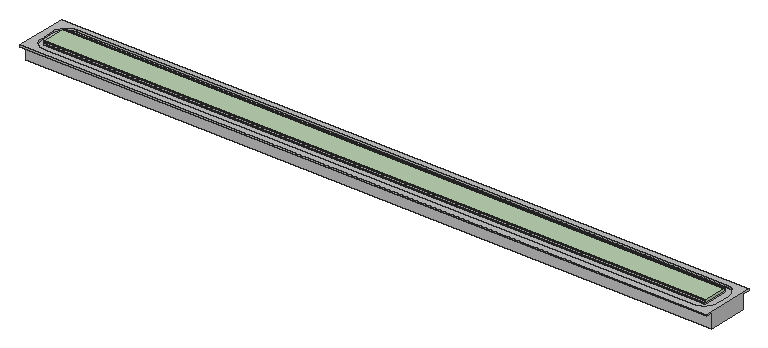
Revit family "Drain-Linear_Tile_Noble_FreeStyle", category Plumbing Fixtures, host Face, Revit 2014
Parameters (values of type "60in PVC")
  Weight = "10 lbs"
  URL = "www.noblecompany.com"
  Type Comments = ""
  Tile [instance] = Tile
  Product Properties = "http://www.noblecompany.com/Portals/0/PRODUCT%20INFO/Product%20Descriptions/FreeStyle%20Linear%20Drain%20Product%20Decription%200410.pdf"
  Product Data = "http://www.noblecompany.com/Products/ShowerProducts/tabid/59/Default.aspx"
  Plate = Stainless Steel - Brushed
  Model = "Freestyle 60 PVC - Wave"
  Manufacturer Phone - Toll Free = "800-878-5788"
  Manufacturer Phone = "231-799-8000"
  Manufacturer Fax = "231-799-8850"
  Manufacturer Email = "mailto:sales@noblecompany.com"
  Manufacturer Address = "7300 Enterprise Drive, Spring Lake, MI  49456 USA"
  Manufacturer = "Noble Company"
  Installation-Fabrication = "http://www.noblecompany.com/Portals/0/PRODUCT%20INFO/Product%20Descriptions/FreeStyle%20Linear%20Drain%20Product%20Decription%200410.pdf"
  GPM = 0 GPM
  Description = "Freestyle 60 PVC - Wave Linear Drain"
  Building Codes = "http://www.noblecompany.com/Portals/0/TECHNICAL%20INFO/Listing_Testing_Certification_Reports/PMG-1065%20Noble%20Company%20Linear%20Drain%20final%202.pdf"
  Base = PVC
  B = 57 3/4"
  Assembly Code = "D2030300"
  A = 60"
  Default Elevation = 0"
  D = 1 5/8"
  C = 33 3/4"
Types (14): name | Tile | Model | Description | Base | B | A | D | C
  24in ABS | Stainless Steel - Brushed | "Freestyle 24 ABS - Wave" | "Freestyle 24 ABS - Wave Linear Drain" | ABS | 21 3/4" | 24" | 1 1/4" | 15 3/4"
  32in ABS | Stainless Steel - Brushed | "Freestyle 32 ABS - Wave" | "Freestyle 32 ABS - Wave Linear Drain" | ABS | 29 3/4" | 32" | 1 3/8" | 19 1/2"
  36in ABS | Stainless Steel - Brushed | "Freestyle 36 ABS - Wave" | "Freestyle 36 ABS - Wave Linear Drain" | ABS | 33 3/4" | 36" | 1 3/8" | 21 3/4"
  40in ABS | Stainless Steel - Brushed | "Freestyle 40 ABS - Wave" | "Freestyle 40 ABS - Wave Linear Drain" | ABS | 37 3/4" | 40" | 1 7/16" | 23 3/4"
  48in ABS | Stainless Steel - Brushed | "Freestyle 48 ABS - Wave" | "Freestyle 48 ABS - Wave Linear Drain" | ABS | 45 3/4" | 48" | 1 1/2" | 27 3/4"
  54in ABS | Stainless Steel - Brushed | "Freestyle 54 ABS - Wave" | "Freestyle 54 ABS - Wave Linear Drain" | ABS | 51 3/4" | 54" | 1 9/16" | 30 3/4"
  60in ABS | Stainless Steel - Brushed | "Freestyle 60 ABS - Wave" | "Freestyle 60 ABS - Wave Linear Drain" | ABS | 57 3/4" | 60" | 1 5/8" | 33 3/4"
  24in PVC | Stainless Steel - Brushed | "Freestyle 24 PVC - Wave" | "Freestyle 24 PVC - Wave Linear Drain" | PVC | 21 3/4" | 24" | 1 1/4" | 15 3/4"
  32in PVC | Stainless Steel - Brushed | "Freestyle 32 PVC - Wave" | "Freestyle 32 PVC - Wave Linear Drain" | PVC | 29 3/4" | 32" | 1 3/8" | 19 1/2"
  36in PVC | Stainless Steel - Brushed | "Freestyle 36 PVC - Wave" | "Freestyle 36 PVC - Wave Linear Drain" | PVC | 33 3/4" | 36" | 1 3/8" | 21 3/4"
  40in PVC | Stainless Steel - Brushed | "Freestyle 40 PVC - Wave" | "Freestyle 40 PVC - Wave Linear Drain" | PVC | 37 3/4" | 40" | 1 7/16" | 23 3/4"
  48in PVC | Stainless Steel - Brushed | "Freestyle 48 PVC - Wave" | "Freestyle 48 PVC - Wave Linear Drain" | PVC | 45 3/4" | 48" | 1 1/2" | 27 3/4"
  54in PVC | Stainless Steel - Brushed | "Freestyle 54 PVC - Wave" | "Freestyle 54 PVC - Wave Linear Drain" | PVC | 51 3/4" | 54" | 1 9/16" | 30 3/4"
  60in PVC | Tile | "Freestyle 60 PVC - Wave" | "Freestyle 60 PVC - Wave Linear Drain" | PVC | 57 3/4" | 60" | 1 5/8" | 33 3/4"
Reference planes (in)
  plane 1 "Center (Front/Back)": y = 0
  plane 2: z = 0
  plane 3 "Center (Left/Right)": x = 0
  plane 4: z = -1.625
  plane 5: z = -4.05899
  plane 6: z = -1.625
  plane 7: y = 1.6875
  plane 8: y = -1.6875
  plane 9: z = -0.375
  plane 10: y = 2.25
  plane 11: y = -2.25
  plane 12: z = -0.3125
  plane 13: x = 30
  plane 14: x = -30
  plane 15: x = 28.875
  plane 16: x = -3.75
  plane 17: x = -28.875
  plane 18: z = -0.125
Forms (in)
  Extrusion 1, void, detail levels medium+fine
    sketch origin (0, 0, 0) x (1, 0, 0) y (0, 1, 0)
      loop
        circle (-3.75, 0) r 1
    from -60 to 34.55449
  Extrusion 2, solid, material "PVC" <- "Base", detail levels medium+fine
    sketch origin (10.05986, 0, 0) x (0, 1, 0) y (0, 0, 1)
      loop
        line (2.25, -0.375) -> (2.25, -0.25) -> (-2.25, -0.25) -> (-2.25, -0.375) -> (-1.6875, -0.375) -> (-1.6875, -1.625) -> (1.6875, -1.625) -> (1.6875, -0.375) -> (2.25, -0.375)
    from -40.05986 to 19.94014
  Extrusion 3, void
    sketch origin (10.05986, 0, 0) x (1, 0, 0) y (0, 1, 0)
      loop
        arc (-38.37906, 1.769) -> (-39.18512, 1.43512) -> (-39.519, 0.62906) r 1.13994
        line (-39.519, 0.62906) -> (-39.519, -0.63005)
        arc (-39.519, -0.63005) -> (-39.18541, -1.43541) -> (-38.38005, -1.769) r 1.13895
        line (-38.38005, -1.769) -> (18.37931, -1.769)
        arc (18.37931, -1.769) -> (19.18519, -1.43519) -> (19.519, -0.62931) r 1.13969
        line (19.519, -0.62931) -> (19.519, 0.62118)
        arc (19.519, 0.62118) -> (19.18281, 1.43281) -> (18.37118, 1.769) r 1.14782
        line (18.37118, 1.769) -> (-38.37906, 1.769)
    from -0.375 to 0
  Extrusion 4, void
    sketch origin (0, 0, 0) x (1, 0, 0) y (0, 1, 0)
      loop
        line (29, 1.269) -> (-29, 1.269) -> (-29, -1.269) -> (29, -1.269) -> (29, 1.269)
    from -0.125 to 0
  Extrusion 5, void, detail levels fine
    sketch origin (0, 0, 0) x (0, 1, 0) y (0, 0, 1)
      loop
        line (2.25, -0.375) -> (2.25, -0.125) -> (-2.25, -0.125) -> (-2.25, -0.375) -> (-1.6875, -0.375) -> (-1.6875, -1.625) -> (1.6875, -1.625) -> (1.6875, -0.375) -> (2.25, -0.375)
    from -30 to 30
Cuts and joins
  Extrusion 1, Extrusion 3 cuts Extrusion 2
Lines and regions (in)
  model lines, detail levels coarse+medium
    curve 1: line (-3.75, 0, 0) -> (-3.75, 0, -1.625)
  model lines, style "PlumbingFixtures", detail levels coarse
    curve 2: line (-30, 2.25, 0) -> (-30, -2.25, 0)
    curve 3: line (-30, 2.25, 0) -> (30, 2.25, 0)
    curve 4: line (30, 2.25, 0) -> (30, -2.25, 0)
    curve 5: line (-30, -2.25, 0) -> (30, -2.25, 0)
    curve 6: line (30, 0, 0) -> (-30, 0, 0)
Dimensions and locks (in)
  "D": plane 2 to plane 4
  locked: plane 4 to plane 5 at 2.43399
  "D": plane 6 to level
  equal spacing: plane 7, plane 1 "Center (Front/Back)", plane 8, locked at 1.6875 each
  locked: plane 9 to level at 0.375
  plane 7 to plane 8 = 3 3/8"
  locked: plane 10 to plane 7 at 0.5625
  locked: plane 8 to plane 11 at 0.5625
  "A": plane 14 to plane 13
  locked: plane 15 to plane 13 at 1.125
  "C": plane 16 to plane 13
  locked: plane 14 to plane 17 at 1.125
  locked: Extrusion 3 sketch curve to plane 13 at 0.42114
  locked: plane 14 to Extrusion 3 sketch curve at 0.54086
  equal spacing: plane 14, plane 3 "Center (Left/Right)", plane 13
  locked: plane 9 to plane 12 at 0.0625
  locked: level to plane 18 at 0.125
  level to Extrusion 2 sketch curve = 1/4"
  locked: plane 15 to Extrusion 4 sketch curve at 0.125
  locked: Extrusion 4 sketch curve to plane 17 at 0.125
  radius of Extrusion 1 sketch curve = 1"
  aligned and locked: plane 2 to host face
  aligned and locked: level to host face
  aligned and locked: plane 1 "Center (Front/Back)" to Extrusion 1 sketch curve
  aligned and locked: plane 13 to Extrusion 2
  aligned and locked: plane 16 to Extrusion 1 sketch curve
  aligned and locked: plane 10 to Extrusion 5 sketch curve
  aligned and locked: plane 9 to Extrusion 5 sketch curve
  aligned and locked: plane 7 to Extrusion 5 sketch curve
  aligned and locked: plane 4 to Extrusion 5 sketch curve
  aligned and locked: plane 11 to Extrusion 5 sketch curve
  aligned and locked: Extrusion 5 sketch curve to plane 8
  aligned and locked: Extrusion 5 to plane 14
  aligned and locked: plane 13 to Extrusion 5
  aligned and locked: curve 6 to plane 1 "Center (Front/Back)"
  aligned and locked: plane 14 to curve 6
  aligned and locked: plane 13 to curve 6
  aligned and locked: curve 1 to plane 16
  aligned and locked: level to curve 1
  aligned and locked: plane 6 to curve 1
  aligned and locked: Extrusion 2 to plane 14
  aligned and locked: plane 3 "Center (Left/Right)" to nested 1
  aligned and locked: plane 1 "Center (Front/Back)" to nested 1
  aligned and locked: plane 12 to nested 1
  aligned and locked: plane 9 to Extrusion 3
  aligned and locked: Extrusion 4 to plane 18
  aligned and locked: level to Extrusion 4
Automatic sketch dimensions
  host sketch curve to host sketch curve = 48 1/4"
  host sketch curve to host sketch curve = 96"
  plane 9 to Extrusion 2 sketch curve = 0"  (x2)
  Extrusion 2 sketch curve to plane 11 = 0"
  Extrusion 2 sketch curve to plane 4 = 0"
  Extrusion 2 sketch curve to plane 8 = 0"
  Extrusion 2 sketch curve to plane 7 = 0"
  Extrusion 2 sketch curve to plane 10 = 0"
  Extrusion 3 sketch curve to plane 8 = 0.0815"
  plane 17 to Extrusion 3 sketch curve = 0.55481"
  Extrusion 3 sketch curve to plane 7 = 0.0815"
  plane 17 to Extrusion 3 sketch curve = 0.5558"
  Extrusion 3 sketch curve to plane 15 = 0.44396"
  Extrusion 3 sketch curve to plane 15 = 0.43583"
  curve 2 to plane 10 = 0"
  curve 5 to plane 11 = 0"
  plane 9 to Extrusion 5 sketch curve = 0"
  Extrusion 5 sketch curve to plane 18 = 0"
  plane 8 to Extrusion 4 sketch curve = 0.4185"
  plane 7 to Extrusion 4 sketch curve = 0.4185"
Nested families (in)
  nested 1: "Strainer_Wave" at (-12.24848, 0, -0.375), type "24"", detail levels fine
Connectors (in)
  piping at (-3.75, 0, -1.625), diameter 2, driven by "GPM"
    settings: on cut or joined group of Extrusion 1, Extrusion 2, Extrusion 3, index 1, connector inside diameter 2", connector length 0", flow factor 0, pipe flow 0 GPM, pressure drop 0.00 psi, fitting loss kfactor 0, connector angle 0.00°, fixture units 0, engagement length 0", angle of deflection 0.00°, flow configuration 0, flow direction 2, fitting loss method 0, system type 16, joint type 0, gender type 0, connector reference index -1, connector utility 0, adjustable connector no, is connector primary yes, connector description ""
Definition of nested family "Strainer_Wave"
  Parameters (values of type "24"")
    Tile = Stainless Steel - Brushed
    Strainer Width = 2 1/4"
    Strainer Height = 5/16"
    Strainer Length = 57 3/4"
    Strainer Finish = Stainless Steel - Brushed
  Reference planes (in)
    plane 1 "Center (Front/Back)": y = 0
    plane 2: z = 0
    plane 3 "Center (Left/Right)": x = 12.24848
    plane 4 "Left": x = -16.62652
    plane 5 "Right": x = 41.12348
    plane 6: y = 1.125
    plane 7: y = -1.125
    plane 8: z = 0.3125
  Forms (in)
    Extrusion 1, solid, material "Stainless Steel - Brushed" <- "Strainer Finish"
      sketch origin (12.24848, 0, 0) x (0, 1, 0) y (0, 0, 1)
        loop
          line (1.125, 0.3125) -> (1.06302, 0.3125) -> (1.06302, 0.15625)
          arc (1.06302, 0.15625) -> (1.04564, 0.09963) -> (0.9995, 0.0625) r 0.10095
          line (0.9995, 0.0625) -> (-0.9995, 0.0625)
          arc (-0.9995, 0.0625) -> (-1.04564, 0.09963) -> (-1.06302, 0.15625) r 0.10095
          line (-1.06302, 0.15625) -> (-1.06302, 0.3125) -> (-1.125, 0.3125) -> (-1.125, 0.125)
          arc (-1.125, 0.125) -> (-1.08839, 0.03661) -> (-1, 0) r 0.125
          line (-1, 0) -> (1, 0)
          arc (1, 0) -> (1.08839, 0.03661) -> (1.125, 0.125) r 0.125
          line (1.125, 0.125) -> (1.125, 0.3125)
      from -28.875 to 28.875
    Extrusion 2, solid, material "Stainless Steel - Brushed" <- "Tile", detail levels medium+fine
      sketch origin (0, 0, 0) x (1, 0, 0) y (0, 1, 0)
        loop
          line (-16.62652, 1.03121) -> (-16.62652, -1.03293) -> (41.12348, -1.03293) -> (41.12348, 1.03121) -> (-16.62652, 1.03121)
      from 0.0625 to 0.3125
  Dimensions and locks (in)
    "Strainer Length": plane 4 "Left" to plane 5 "Right"
    equal spacing: plane 4 "Left", plane 3 "Center (Left/Right)", plane 5 "Right"
    equal spacing: plane 7, plane 1 "Center (Front/Back)", plane 6
    "Strainer Width": plane 6 to plane 7
    "Strainer Height": plane 8 to level
    Extrusion 1 to level = 5/16"
    aligned and locked: plane 8 to Extrusion 1 sketch curve
    aligned and locked: plane 6 to Extrusion 1 sketch curve
    aligned and locked: Extrusion 1 sketch curve to plane 7
    aligned and locked: Extrusion 1 to plane 4 "Left"
    aligned and locked: plane 5 "Right" to Extrusion 1
    aligned and locked: Extrusion 2 sketch curve to plane 5 "Right"
    aligned and locked: plane 4 "Left" to Extrusion 2 sketch curve
  Automatic sketch dimensions
    Extrusion 1 sketch curve to level = 0"
    Extrusion 1 sketch curve to plane 8 = 0"
    plane 7 to Extrusion 1 sketch curve = 0.06198"
    plane 7 to Extrusion 1 sketch curve = 1/8"
    Extrusion 1 sketch curve to Extrusion 1 sketch curve = 0.0005"  (x2)
    Extrusion 1 sketch curve to Extrusion 1 sketch curve = 0.03793"  (x2)
    Extrusion 1 sketch curve to plane 6 = 0.06198"
    Extrusion 1 sketch curve to Extrusion 1 sketch curve = 1/16"
    Extrusion 1 sketch curve to Extrusion 1 sketch curve = 1/32"
    plane 7 to Extrusion 2 sketch curve = 0.09207"
    Extrusion 2 sketch curve to plane 6 = 0.09379"
